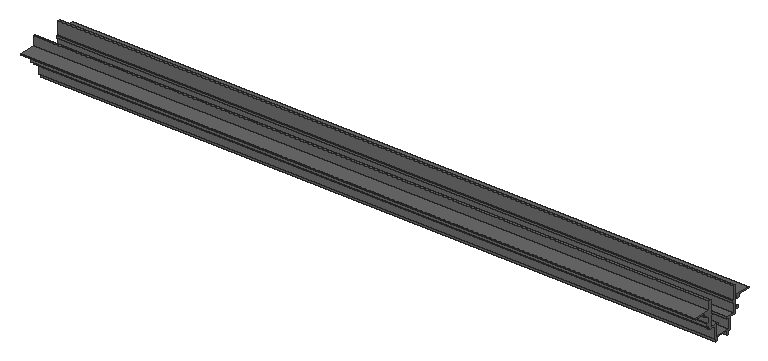
Revit family "ARKOSLIGHT_Track Black Foster Custom Trimless", category Lighting Fixtures, host Face, Revit 2019
Family settings
  Host = Face
  Round Connector Dimension = Use Diameter
  Part Type = Normal
  Cut with Voids When Loaded = No
  Light Source = No
  Shared = No
  Room Calculation Point = No
Parameters (values of type "A4580X00N - BLACK FOSTER CUSTOM TRIMLESS XM N")
  URL = "https://www.arkoslight.com/es/product/bfcacc-es/"
  Model = ARKOSLIGHT_Model  # "BLACK FOSTER CUSTOM ACCESSORIES"
  Manufacturer = "ARKOSLIGHT"  # constant formula
  Length [instance] = 1000 mm
  Description = "Select the number and length of profiles suitable for the defined length."  # constant formula
  ARKOSLIGHT_Series = "BLACK FOSTER CUSTOM TRIMLESS ACCESSORIES"  # constant formula
  ARKOSLIGHT_Reference = "A4580X00N"
  ARKOSLIGHT_Model = "BLACK FOSTER CUSTOM ACCESSORIES"  # constant formula
  ARKOSLIGHT_Color = "Black"
  ARKOSLIGHT_Fixture Type = "ACCESSORIES"  # constant formula
  Default Elevation = 0 mm
  Apparent Load = 0 VA  # constant formula
Reference planes
  plane 1 "Center (Front/Back)": y = 0
  plane 2: z = 0
  plane 3 "Center (Left/Right)": x = 375
  plane 4: x = 875
  plane 5: x = -125
  plane 6: y = 22
  plane 7: y = -22
  plane 8: z = 0.3
  plane 9: y = 48.5
  plane 10: y = -48.5
  plane 11: z = -60
Forms (mm)
  Extrusion 1, void
    sketch origin (0, 0, 0) x (1, 0, 0) y (0, 1, 0)
      loop
        line (-125, 23.768) -> (-125, -23.768) -> (875, -23.768) -> (875, 23.768) -> (-125, 23.768)
    from 0 to -70
  Extrusion 2, solid, material "ARKOSLIGHT_Black"
    sketch origin (-125, -221.408, 1219.2) x (0, -1, 0) y (0, 0, -1)
      loop
        line (-207.807, 1256.907) -> (-207.807, 1273.806) -> (-210.233, 1273.806) -> (-210.233, 1279.2) -> (-212.233, 1279.2) -> (-212.233, 1273.806) -> (-230.583, 1273.806) -> (-230.583, 1279.2) -> (-232.583, 1279.2) -> (-232.583, 1273.806) -> (-235.008, 1273.806) -> (-235.008, 1256.907) -> (-243.175, 1256.907)
        arc (-243.175, 1256.907) -> (-244.589, 1256.321) -> (-245.175, 1254.907) r 2
        line (-245.175, 1254.907) -> (-245.175, 1251.206) -> (-250.158, 1251.206) -> (-250.158, 1247.718) -> (-248.658, 1247.718) -> (-248.658, 1249.706) -> (-245.175, 1249.706) -> (-245.175, 1233.902) -> (-248.282, 1233.902) -> (-248.282, 1237.742)
        arc (-248.282, 1237.742) -> (-248.397, 1238.154) -> (-248.708, 1238.449) r 0.8
        arc (-248.708, 1238.449) -> (-251.261, 1238.404) -> (-252.583, 1236.219) r 2.64
        line (-252.583, 1236.219) -> (-252.583, 1233.902) -> (-269.908, 1233.902) -> (-269.908, 1231.905) -> (-245.175, 1231.905) -> (-245.175, 1218.9) -> (-242.908, 1218.9) -> (-242.908, 1238.146) -> (-240.408, 1238.146) -> (-240.408, 1240.146) -> (-243.158, 1240.146) -> (-243.158, 1254.907) -> (-229.558, 1254.907) -> (-229.558, 1256.907) -> (-233.008, 1256.907) -> (-233.008, 1271.806) -> (-209.807, 1271.806) -> (-209.807, 1257.023) -> (-213.258, 1257.023) -> (-213.258, 1254.907) -> (-199.658, 1254.907) -> (-199.658, 1240.146) -> (-202.408, 1240.146) -> (-202.408, 1238.146) -> (-199.908, 1238.146) -> (-199.908, 1218.9) -> (-197.64, 1218.9) -> (-197.64, 1231.905) -> (-172.908, 1231.905) -> (-172.908, 1233.902) -> (-190.233, 1233.902) -> (-190.233, 1236.219)
        arc (-190.233, 1236.219) -> (-191.554, 1238.404) -> (-194.107, 1238.449) r 2.64
        arc (-194.107, 1238.449) -> (-194.418, 1238.154) -> (-194.533, 1237.742) r 0.8
        line (-194.533, 1237.742) -> (-194.533, 1233.902) -> (-197.64, 1233.902) -> (-197.64, 1249.706) -> (-194.157, 1249.706) -> (-194.157, 1247.718) -> (-192.657, 1247.718) -> (-192.657, 1251.206) -> (-197.64, 1251.206) -> (-197.64, 1254.907)
        arc (-197.64, 1254.907) -> (-198.226, 1256.321) -> (-199.64, 1256.907) r 2
        line (-199.64, 1256.907) -> (-207.807, 1256.907)
    from 0 to 1000
Dimensions and locks
  "Length": plane 5 to plane 4
  equal spacing: plane 6, plane 1 "Center (Front/Back)", plane 7
  locked: plane 6 to plane 7 at 44
  locked: plane 8 to plane 2 at 0.3
  equal spacing: plane 5, plane 3 "Center (Left/Right)", plane 4
  equal spacing: plane 9, plane 1 "Center (Front/Back)", plane 10
  locked: plane 9 to plane 10 at 97
  locked: plane 2 to plane 11 at 60
  equal spacing: Extrusion 2 sketch curve, plane 1 "Center (Front/Back)", Extrusion 2 sketch curve  (x3)
  plane 1 "Center (Front/Back)" to Extrusion 2 sketch curve = 19 mm
  Extrusion 2 sketch curve to Extrusion 2 sketch curve = 2 mm
  plane 1 "Center (Front/Back)" to Extrusion 2 sketch curve = 8.15 mm
  Extrusion 2 sketch curve to Extrusion 2 sketch curve = 33.66 mm
  Extrusion 2 sketch curve to Extrusion 2 sketch curve = 2.268 mm
  equal spacing: Extrusion 1 sketch curve, plane 1 "Center (Front/Back)", Extrusion 1 sketch curve
  plane 1 "Center (Front/Back)" to Extrusion 1 sketch curve = 23.768 mm
  aligned and locked: plane 2 to host face
  aligned and locked: level to host face
  aligned and locked: plane 5 to Extrusion 1 sketch curve
  aligned and locked: plane 4 to Extrusion 1 sketch curve
  aligned and locked: plane 10 to Extrusion 2 sketch curve
  aligned and locked: Extrusion 2 sketch curve to plane 9
  aligned and locked: plane 8 to Extrusion 2 sketch curve
  aligned and locked: Extrusion 2 to plane 5
  aligned and locked: Extrusion 2 to plane 4
  aligned and locked: Extrusion 2 sketch curve to Extrusion 2 sketch curve  (x6)
Automatic sketch dimensions
  host sketch curve to host sketch curve = 1296.629 mm
  host sketch curve to host sketch curve = 1105.173 mm
  plane 11 to Extrusion 2 sketch curve = 0 mm  (x2)
  Extrusion 2 sketch curve to plane 8 = 0 mm
  Extrusion 2 sketch curve to plane 6 = 9.175 mm
  Extrusion 2 sketch curve to plane 6 = 6.75 mm
  Extrusion 2 sketch curve to Extrusion 2 sketch curve = 2.638 mm  (x2)
  Extrusion 2 sketch curve to Extrusion 2 sketch curve = 0.862 mm  (x2)
  Extrusion 2 sketch curve to Extrusion 2 sketch curve = 1.5 mm  (x4)
  Extrusion 2 sketch curve to Extrusion 2 sketch curve = 0.8 mm  (x2)
  Extrusion 2 sketch curve to plane 6 = 1.768 mm
  plane 6 to Extrusion 2 sketch curve = 0.232 mm
  Extrusion 2 sketch curve to Extrusion 2 sketch curve = 0.018 mm  (x2)
  Extrusion 2 sketch curve to Extrusion 2 sketch curve = 5.45 mm
  Extrusion 2 sketch curve to Extrusion 2 sketch curve = 2 mm  (x5)
  Extrusion 2 sketch curve to Extrusion 2 sketch curve = 2.425 mm  (x3)
  Extrusion 2 sketch curve to plane 7 = 0.5 mm
  Extrusion 2 sketch curve to plane 7 = 0.232 mm
  plane 7 to Extrusion 2 sketch curve = 1.768 mm
  Extrusion 2 sketch curve to Extrusion 2 sketch curve = 3.107 mm
  Extrusion 2 sketch curve to Extrusion 2 sketch curve = 3.482 mm
  plane 11 to Extrusion 2 sketch curve = 5.394 mm  (x2)
  Extrusion 2 sketch curve to Extrusion 2 sketch curve = 0 mm  (x3)
  Extrusion 2 sketch curve to Extrusion 2 sketch curve = 14.783 mm
  Extrusion 2 sketch curve to Extrusion 2 sketch curve = 0.116 mm
  Extrusion 2 sketch curve to Extrusion 2 sketch curve = 16.761 mm
  Extrusion 2 sketch curve to Extrusion 2 sketch curve = 3.701 mm  (x2)
  Extrusion 2 sketch curve to Extrusion 2 sketch curve = 1.989 mm  (x2)
  Extrusion 2 sketch curve to Extrusion 2 sketch curve = 0.404 mm  (x2)
  Extrusion 2 sketch curve to Extrusion 2 sketch curve = 1.523 mm  (x2)
  Extrusion 2 sketch curve to Extrusion 2 sketch curve = 1.626 mm  (x2)
  level to Extrusion 2 sketch curve = 14.702 mm
  Extrusion 2 sketch curve to Extrusion 2 sketch curve = 4.244 mm
  Extrusion 2 sketch curve to Extrusion 2 sketch curve = 2.214 mm
  Extrusion 2 sketch curve to Extrusion 2 sketch curve = 2.317 mm
  Extrusion 2 sketch curve to Extrusion 2 sketch curve = 1.997 mm  (x2)
